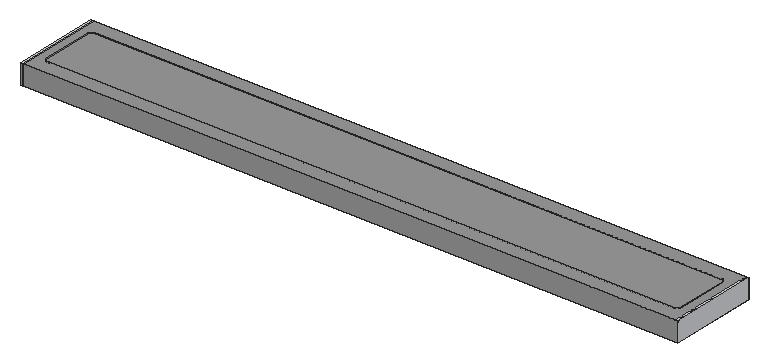
Revit family "2021707", category Lighting Fixtures, host Face, Revit 2018
Family settings
  Host = Face
  Round Connector Dimension = Use Diameter
  Part Type = Normal
  OmniClass Number = 23.80.70.00
  OmniClass Title = Lighting
  Cut with Voids When Loaded = No
  Light Source = Yes
  Shared = No
  Room Calculation Point = No
Parameters (values of type "2021707 OPTIX S 1500 MPO D 4K SSA")
  spacer height = 5 mm
  spacer centres = 1000 mm
  lens width = 1135 mm
  full length = 1500 mm
  Width = 200 mm
  Weight = "n/a"
  Wattage Comments = ""
  Wattage = 9.2903 W
  WarrantyStartDate [instance] = "n/a"
  WarrantyGuarantorParts = "n/a"
  WarrantyDurationUnit = "n/a"
  WarrantyDurationParts = ""
  WarrantyDescription = "http://www.sylvania-lighting.com"
  built-in parameter 1150110 = 1 (stored number, unit not read)
  Voltage = 0 V
  URL = "1"
  TypeName = "OPTIX SURFACE 1500 MPO D 4000K SSA"
  Type Image = <None>
  Type Comments = "n/a"
  built-in parameter 1114217 = 1 (stored number, unit not read)
  Tilt Angle = 90.00°
  built-in parameter 1150109 = 1 (stored number, unit not read)
  built-in parameter 1150134 = 3
  built-in parameter 1150113 = 1 (stored number, unit not read)
  SerialNumber [instance] = "n/a"
  Photometric Web File = "2021707.ies"
  Material_3_FEILO = none
  PowerFactor = 0
  PowerConsumption = "Lighting"
  NominalLength = 200 mm
  NominalHeight = 0 mm
  NominalDepth = 0 mm
  Name = "OPTIX SURFACE 1500 MPO D 4000K SSA"
  ModelReference = Name  # "OPTIX SURFACE 1500 MPO D 4000K SSA"
  ModelNumber = "2021707"
  Model = Name  # "OPTIX SURFACE 1500 MPO D 4000K SSA"
  Material = "Feilo Sylvania"
  ManufacturerName = "118 lm/W"
  Manufacturer = ""
  LuminousEfficacy = ""
  built-in parameter 1150105 = 109.82 (stored number, unit not read)
  Lumens = 1380 lm
  LuminaireType = "0"
  built-in parameter 1150115 = 1 (stored number, unit not read)
  LightOutputRatio = "LED"
  built-in parameter 1150137 = (empty or 0)
  built-in parameter 1150139 = (empty or 0)
  Lens Width = 135 mm
  Length = 1188 mm
  LampsType = Lamp  # "n/a"
  LampNominalLuminous = "4000 K"
  LampMacAdamStep = "80"
  LampColourTemperature = "LED"
  LampColourRenderingIndex = "16500"
  built-in parameter 1150112 = 1 (stored number, unit not read)
  built-in parameter 1150114 = 1 (stored number, unit not read)
  Lamp = "n/a"
  Keynote = "n/a"
  InstallationDate [instance] = "n/a"
  InputVoltage = "0"
  InputNominalFrequency = "4000"
  built-in parameter 1150132 = (empty or 0)
  built-in parameter 1150102 = (empty or 0)
  built-in parameter 1150107 = 3200 (stored number, unit not read)
  built-in parameter 1150138 = (empty or 0)
  IngressProtection = "IfcLightFixtureType"
  ImpactProtectionIndex = "IfcLightFixtureType"
  built-in parameter 1150106 = 1.0982 (stored number, unit not read)
  IfcExportType = "IfcLightFixtureType"
  IfcExportAs = "Class I"
  Height = 50 mm
  ExpectedLife = 50000
  Emit from Circle Diameter = 609.6 mm
  Emit Shape Visible in Rendering = no
  ElectricShockClassification = "118"
  built-in parameter 1150104 = 13.8 (stored number, unit not read)
  DurationUnit = "hours"
  DocumentationLiterature = "http://www.sylvania-lighting.com/product/en-int/products/2021707"
  DimmingControlOptions = "n/a"
  Material_2_FEILO = none
  Dimming Lamp Color Temperature Shift = <None>
  Description = "OPTIX SURFACE 1500 MPO D 4000K SSC is a high efficacy low glare surface or suspended LED Linear luminaire with Micro Prismatic diffuser, with direct light distribution, luminaire dimensions: 1500x200x50mm, Sylvania White body colour (RAL9016), IP20, IK07, Sylsmart Standalone Office capable, low LED flicker (+/-5%), Neutral White (4000K) LED Colour Temperature, 4350lm luminous flux, 37W power consumption, 118lm/W system efficacy, CRI>80, SDCM 3 (3-step MacAdam ellipse) LED Colour Consistency, UGR<18, Luminance at 65° < 3000 cd/m2, lumen maintenance: L90B50 at 71000h, photobiological safety risk group 1. Electrical protection Class I."
  Default Elevation = 1219.2 mm
  CreatedOn = "31/01/2022"
  CreatedBy = "@sylvania-lighting.com"
  Cost = 0
  Color Filter = 16777215
  built-in parameter 1114216 [instance] = (empty or 0)
  ClassificationValue = "EF_70_80"
  ClassificationName = "Uniclass2015"
  Material_1_FEILO = none
  BarCode [instance] = "n/a"
  built-in parameter 1114218 = 1 (stored number, unit not read)
  built-in parameter 1150133 = 10 (stored number, unit not read)
  AssetType = "Fixed"
  AssetIdentifier [instance] = "n/a"
  Assembly Code = "D5020200"
  Apparent Load = 37 VA
  Material_4_FEILO = none
Reference planes
  plane 1 "Center (Front/Back)": y = 0
  plane 2: z = 0
  plane 3 "Center (Left/Right)": x = 0
  plane 4: z = 0
  plane 5: z = 50
  plane 6: y = 100
  plane 7: y = -100
  plane 8: x = -594
  plane 9: x = 594
  plane 10: z = 5
  plane 11: x = -500
  plane 12: x = 500
  plane 13: y = 10
  plane 14: y = -10
  plane 15: x = 487.5
  plane 16: x = 512.5
  plane 17: x = -512.5
  plane 18: x = -487.5
  plane 19: x = -567.5
  plane 20: x = 567.5
  plane 21: y = 67.5
  plane 22: y = -67.5
  plane 23: x = -557.5
  plane 24: y = 57.5
  plane 25: y = -57.5
  plane 26: x = 557.5
  plane 27: x = -750
  plane 28: x = 750
  plane 29: x = -700.314
  plane 30: x = 723.5
  plane 31: x = -671.814
  plane 32: x = 695
  plane 33: x = -744
  plane 34: x = 744
Forms (mm)
  Extrusion 1, solid, material "Aluminum 1100-H18", detail levels medium+fine
    sketch origin (4.2, 0, 0) x (1, 0, 0) y (0, 1, 0)
      loop
        line (-754.2, 100) -> (-754.2, -100) -> (745.8, -100) -> (745.8, 100) -> (-754.2, 100)
    from 5 to 50
  Extrusion 2, solid
    sketch origin (186.707, 0, 0) x (1, 0, 0) y (0, 1, 0)
      loop
        line (483.3, 10) -> (483.3, -10) -> (508.3, -10) -> (508.3, 10) -> (483.3, 10)
    from 0 to 5
  Extrusion 3, solid
    sketch origin (-155.18, 0, 0) x (1, 0, 0) y (0, 1, 0)
      loop
        line (-516.7, 10) -> (-516.7, -10) -> (-491.7, -10) -> (-491.7, 10) -> (-516.7, 10)
    from 0 to 5
  Extrusion 4, void, detail levels fine
    sketch origin (4.2, 0, 0) x (0, 1, 0) y (1, 0, 0)
      loop
        line (67.5, -717.7) -> (67.5, 709.3)
        arc (67.5, 709.3) -> (64.571, 716.371) -> (57.5, 719.3) r 10
        line (57.5, 719.3) -> (-57.5, 719.3)
        arc (-57.5, 719.3) -> (-64.571, 716.371) -> (-67.5, 709.3) r 10
        line (-67.5, 709.3) -> (-67.5, -717.7)
        arc (-67.5, -717.7) -> (-64.571, -724.771) -> (-57.5, -727.7) r 10
        line (-57.5, -727.7) -> (57.5, -727.7)
        arc (57.5, -727.7) -> (64.571, -724.771) -> (67.5, -717.7) r 10
    from -50 to -48
  Extrusion 5, solid, detail levels medium+fine
    sketch origin (4.2, 0, 0) x (1, 0, 0) y (0, 1, 0)
      loop
        line (-754.2, 100) -> (-754.2, -100) -> (-748.2, -100) -> (-748.2, 100) -> (-754.2, 100)
    from 5 to 50
  Extrusion 6, solid, detail levels medium+fine
    sketch origin (4.2, 0, 0) x (1, 0, 0) y (0, 1, 0)
      loop
        line (739.8, 100) -> (739.8, -100) -> (745.8, -100) -> (745.8, 100) -> (739.8, 100)
    from 5 to 50
  Extrusion 7, solid, material "Glass, White, High Luminance", detail levels fine
    sketch origin (4.2, 0, 0) x (1, 0, 0) y (0, 1, 0)
      loop
        arc (-717.7, 67.5) -> (-724.771, 64.571) -> (-727.7, 57.5) r 10
        line (-727.7, 57.5) -> (-727.7, -57.5)
        arc (-727.7, -57.5) -> (-724.771, -64.571) -> (-717.7, -67.5) r 10
        line (-717.7, -67.5) -> (709.3, -67.5)
        arc (709.3, -67.5) -> (716.371, -64.571) -> (719.3, -57.5) r 10
        line (719.3, -57.5) -> (719.3, 57.5)
        arc (719.3, 57.5) -> (716.371, 64.571) -> (709.3, 67.5) r 10
        line (709.3, 67.5) -> (-717.7, 67.5)
    from 48 to 49.5
  Extrusion 8, solid, detail levels coarse
    sketch origin (4.2, 0, 0) x (1, 0, 0) y (0, 1, 0)
      loop
        line (-754.2, 100) -> (-754.2, -100) -> (745.8, -100) -> (745.8, 100) -> (-754.2, 100)
    from 0 to 50
Cuts and joins
  Extrusion 4 cuts Extrusion 2
  Extrusion 4 cuts Extrusion 3
  Extrusion 4 cuts Extrusion 1
Dimensions and locks
  "Width": plane 6 to plane 7
  equal spacing: plane 6, plane 1 "Center (Front/Back)", plane 7
  "Length": plane 8 to plane 9
  equal spacing: plane 8, plane 3 "Center (Left/Right)", plane 9
  "spacer height": plane 10 to host face
  "Height": plane 5 to level
  "spacer centres": plane 11 to plane 12
  equal spacing: plane 11, plane 3 "Center (Left/Right)", plane 12
  "lens width": plane 19 to plane 20
  equal spacing: plane 19, plane 3 "Center (Left/Right)", plane 20
  "Lens Width": plane 21 to plane 22
  equal spacing: plane 21, plane 1 "Center (Front/Back)", plane 22
  "full length": plane 27 to plane 28
  equal spacing: plane 27, plane 3 "Center (Left/Right)", plane 28
  aligned and locked: plane 2 to host face
  aligned and locked: level to host face
Automatic sketch dimensions
  host sketch curve to host sketch curve = 2438.4 mm  (x2)
  Extrusion 1 sketch curve to plane 7 = 0 mm
  Extrusion 1 sketch curve to plane 8 = 156 mm
  plane 9 to Extrusion 1 sketch curve = 156 mm
  Extrusion 1 sketch curve to plane 6 = 0 mm
  Extrusion 2 sketch curve to plane 14 = 0 mm
  plane 15 to Extrusion 2 sketch curve = 182.507 mm
  plane 16 to Extrusion 2 sketch curve = 182.507 mm
  Extrusion 2 sketch curve to plane 13 = 0 mm
  Extrusion 3 sketch curve to plane 14 = 0 mm
  Extrusion 3 sketch curve to plane 17 = 159.38 mm
  Extrusion 3 sketch curve to plane 18 = 159.38 mm
  Extrusion 3 sketch curve to plane 13 = 0 mm
  Extrusion 4 sketch curve to plane 22 = 0 mm
  Extrusion 4 sketch curve to plane 19 = 156 mm
  Extrusion 4 sketch curve to plane 25 = 0 mm  (x2)
  plane 20 to Extrusion 4 sketch curve = 156 mm
  Extrusion 4 sketch curve to plane 24 = 0 mm  (x2)
  Extrusion 4 sketch curve to plane 23 = 156 mm
  Extrusion 5 sketch curve to plane 7 = 0 mm
  Extrusion 5 sketch curve to plane 27 = 0 mm
  Extrusion 5 sketch curve to plane 8 = 150 mm
  Extrusion 5 sketch curve to plane 6 = 0 mm
  Extrusion 6 sketch curve to plane 7 = 0 mm
  plane 9 to Extrusion 6 sketch curve = 150 mm
  Extrusion 6 sketch curve to plane 28 = 0 mm
  Extrusion 6 sketch curve to plane 6 = 0 mm
  Extrusion 7 sketch curve to plane 23 = 156 mm  (x2)
  Extrusion 7 sketch curve to plane 21 = 0 mm
  Extrusion 7 sketch curve to plane 22 = 0 mm
  plane 26 to Extrusion 7 sketch curve = 156 mm  (x2)
  plane 20 to Extrusion 7 sketch curve = 156 mm
  Extrusion 7 sketch curve to plane 24 = 0 mm
  Extrusion 8 sketch curve to plane 7 = 0 mm
  Extrusion 8 sketch curve to plane 27 = 0 mm
  Extrusion 8 sketch curve to plane 28 = 0 mm
  Extrusion 8 sketch curve to plane 6 = 0 mm
Connectors
  electrical at (0, 0, 0), driven by "Apparent Load", driven by "PowerFactor", driven by "Voltage"
    settings: index 1, voltage 0 V, apparent load 37 VA, apparent load phase1 0 VA, apparent load phase2 0 VA, apparent load phase3 0 VA, power factor 0, load classification "Lighting", number of poles 1, system type 30, power factor state 1, is connector primary yes, connector utility no, sub classification motor no, connector description ""
